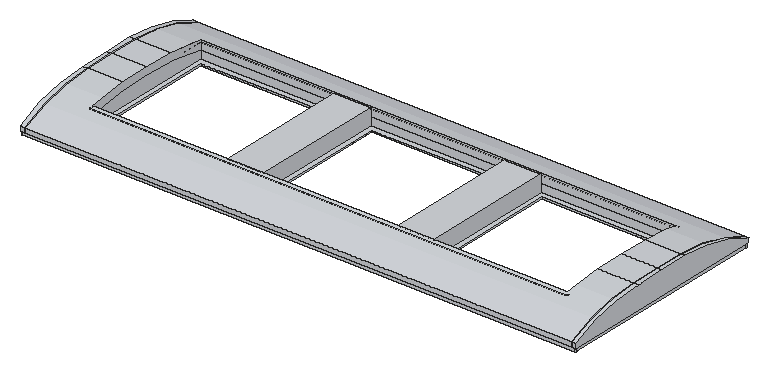
Revit family "Gira_0213327", category Electrical Fixtures, host Face, Revit 2017
Family settings
  Host = Face
  Maintain Annotation Orientation = No
  Round Connector Dimension = Use Diameter
  Part Type = Normal
  Cut with Voids When Loaded = No
  Shared = No
  Room Calculation Point = No
Parameters (values of type "Cov.fr. 3-g interm.fr. PW Gira Event p.white m")
  With hinged lid = "No"
  URL = "http://katalog.gira.de/en/datenblatt.html?artikelnr=0213327"
  Type of fastening = "Clamp mounting"
  Transparent = "No"
  Surface protection = "Other"
  Suitable for wall duct = "No"
  Suitable for flush-mounted installation = "Yes"
  Suitable for floor box = "No"
  Suitable for built-in installation = "No"
  RAL-number (akin) = "9010"
  Number of units vertical = "3"
  Number of units horizontal = "3"
  Number of units = "3"
  Name = "Cov.fr. 3-g interm.fr. PW Gira Event p.white m"
  Mounting direction = "Horizontal and vertical"
  Material quality = "Thermoplastic"
  Material = "Plastic"
  Manufacturer URL = "https://www.gira.de/"
  Manufacturer = "Gira"
  Label space/information surface = "No"
  Keynote = ""
  HeinzeBIM = "https://bimportal.heinze.de/bim/cov-fr-3-g-interm-fr-pw-gira-event-p-white-m/b515ffcd9ee7fe63d852d6c0a154aae126f1ff49"
  Halogen free = "Yes"
  HAN = "0213327"
  GTIN = "4010337074182"
  Description = "Cov.fr.3g i.fr.PW Event PWm,Gira Event frames,pure white matt with pure white glossy intermediate frame,3-gang,Features:,- Shatter-proof."
  Degree of protection (IP) = "IP20"
  Default Elevation = 1219.2 mm
  Data sheet (1) = "https://katalog.gira.de/en/download.html?artikelnr=0213327"
  Colour = "White"
  Category = "Cover frame for domestic switching devices"
  BIM (1) = "https://media.stage.bim.site/public/gira/36a6b08/Event_Rahmen_3fach.rfa"
  Available = "No"
Reference planes
  plane 1 "Center (Front/Back)": y = 0
  plane 2: z = 0
  plane 3 "Center (Left/Right)": x = 0
Forms (mm)
  Extrusion 1, solid, detail levels fine
    sketch origin (0, 0, 0.05) x (0, 1, 0) y (0, 0, 1)
      loop
        arc (12.445, 9.683) -> (6.223, 9.833) -> (0, 9.85) r 291.636
        arc (0, 9.85) -> (-6.223, 9.833) -> (-12.445, 9.683) r 291.636
        arc (-12.445, 9.683) -> (-29.14, 7.482) -> (-45, 1.823) r 79.728
        line (-45, 1.823) -> (-45, -0.05) -> (-42.086, -0.05)
        arc (-42.086, -0.05) -> (-21.385, 5.559) -> (0, 7.206) r 114.424
        arc (0, 7.206) -> (21.385, 5.559) -> (42.086, -0.05) r 114.424
        line (42.086, -0.05) -> (45, -0.05) -> (45, 1.823)
        arc (45, 1.823) -> (29.14, 7.482) -> (12.445, 9.683) r 79.728
    from -114.3 to 114.3
  Extrusion 2, void, detail levels fine
    sketch origin (0, 0, 0) x (1, 0, 0) y (0, 1, 0)
      loop
        line (-99.355, -28.053) -> (99.355, -28.053) -> (99.355, 28.053) -> (-99.355, 28.053) -> (-99.355, -28.053)
    from 0.724 to 11
  Extrusion 3, solid, detail levels coarse
    sketch origin (0, 0, 0) x (1, 0, 0) y (0, 1, 0)
      loop
        line (-116.3, 45) -> (-116.3, -45) -> (116.3, -45) -> (116.3, 45) -> (-116.3, 45)
    from -1.5 to 9.9
  Extrusion 4, solid, detail levels medium
    sketch origin (0, 0, 0.05) x (0, 1, 0) y (0, 0, 1)
      loop
        arc (12.445, 9.683) -> (6.223, 9.833) -> (0, 9.85) r 291.636
        arc (0, 9.85) -> (-6.223, 9.833) -> (-12.445, 9.683) r 291.636
        arc (-12.445, 9.683) -> (-29.14, 7.482) -> (-45, 1.823) r 79.728
        line (-45, 1.823) -> (-45, -0.05) -> (45, -0.05) -> (45, 1.823)
        arc (45, 1.823) -> (29.14, 7.482) -> (12.445, 9.683) r 79.728
    from -116.3 to 116.3
  Extrusion 5, solid, detail levels fine
    sketch origin (-71.3, 0, -1.5) x (0, 1, 0) y (0, 0, -1)
      loop
        line (45, -3.373) -> (45, -1.5) -> (-45, -1.5) -> (-45, -3.373)
        arc (-45, -3.373) -> (-29.14, -9.032) -> (-12.445, -11.233) r 79.728
        arc (-12.445, -11.233) -> (-6.223, -11.383) -> (0, -11.4) r 291.636
        arc (0, -11.4) -> (6.223, -11.383) -> (12.445, -11.233) r 291.636
        arc (12.445, -11.233) -> (29.14, -9.032) -> (45, -3.373) r 79.728
    from 43 to 45
  Extrusion 6, solid, detail levels fine
    sketch origin (0, 0, 0) x (1, 0, 0) y (0, 1, 0)
      loop
        line (-97.195, 25.7) -> (-97.195, -25.7) -> (-45.395, -25.7) -> (-45.395, 25.7) -> (-97.195, 25.7)
      loop
        line (25.9, -25.7) -> (25.9, 25.7) -> (-25.9, 25.7) -> (-25.9, -25.7) -> (25.9, -25.7)
      loop
        line (-100.19, 28.49) -> (-100.19, -28.495)
        spline (-100.19, -28.495) -> (-100.181, -28.625) -> (-100.156, -28.754) -> (-100.113, -28.878) -> (-100.056, -28.995) -> (-99.983, -29.104) -> (-99.897, -29.202) -> (-99.798, -29.288) -> (-99.69, -29.361) -> (-99.572, -29.419) -> (-99.448, -29.461) -> (-99.32, -29.486) -> (-99.19, -29.495)
        line (-99.19, -29.495) -> (99.195, -29.495)
        spline (99.195, -29.495) -> (99.325, -29.486) -> (99.454, -29.461) -> (99.578, -29.419) -> (99.695, -29.361) -> (99.804, -29.288) -> (99.902, -29.202) -> (99.988, -29.104) -> (100.061, -28.995) -> (100.119, -28.878) -> (100.161, -28.754) -> (100.186, -28.625) -> (100.195, -28.495)
        line (100.195, -28.495) -> (100.195, 28.49)
        spline (100.195, 28.49) -> (100.186, 28.62) -> (100.161, 28.748) -> (100.119, 28.872) -> (100.061, 28.99) -> (99.988, 29.098) -> (99.902, 29.197) -> (99.804, 29.283) -> (99.695, 29.356) -> (99.578, 29.413) -> (99.454, 29.456) -> (99.325, 29.481) -> (99.195, 29.49)
        line (99.195, 29.49) -> (-99.19, 29.49)
        spline (-99.19, 29.49) -> (-99.32, 29.481) -> (-99.448, 29.456) -> (-99.572, 29.413) -> (-99.69, 29.356) -> (-99.798, 29.283) -> (-99.897, 29.197) -> (-99.983, 29.098) -> (-100.056, 28.99) -> (-100.113, 28.872) -> (-100.156, 28.748) -> (-100.181, 28.62) -> (-100.19, 28.49)
      loop
        line (97.2, -25.7) -> (97.2, 25.7) -> (45.4, 25.7) -> (45.4, -25.7) -> (97.2, -25.7)
    from 0.1 to 7.3
  Extrusion 7, solid
    sketch origin (0, 0, 0) x (1, 0, 0) y (0, 1, 0)
      loop
        arc (-116, -44.2) -> (-115.854, -44.554) -> (-115.5, -44.7) r 0.5
        line (-115.5, -44.7) -> (115.5, -44.7)
        arc (115.5, -44.7) -> (115.854, -44.554) -> (116, -44.2) r 0.5
        line (116, -44.2) -> (116, 44.2)
        arc (116, 44.2) -> (115.854, 44.554) -> (115.5, 44.7) r 0.5
        line (115.5, 44.7) -> (-115.5, 44.7)
        arc (-115.5, 44.7) -> (-115.854, 44.554) -> (-116, 44.2) r 0.5
        line (-116, 44.2) -> (-116, -44.2)
      loop
        line (-114.3, 43) -> (-114.3, -43) -> (114.3, -43) -> (114.3, 43) -> (-114.3, 43)
    from -1.5 to 0.5
  Extrusion 8, solid, detail levels fine
    sketch origin (71.3, 0, -1.5) x (0, 1, 0) y (0, 0, 1)
      loop
        arc (45, 3.373) -> (29.14, 9.032) -> (12.445, 11.233) r 79.728
        arc (12.445, 11.233) -> (6.223, 11.383) -> (0, 11.4) r 291.636
        arc (0, 11.4) -> (-6.223, 11.383) -> (-12.445, 11.233) r 291.636
        arc (-12.445, 11.233) -> (-29.14, 9.032) -> (-45, 3.373) r 79.728
        line (-45, 3.373) -> (-45, 1.5) -> (45, 1.5) -> (45, 3.373)
    from 43 to 45
  Extrusion 9, solid, detail levels medium
    sketch origin (0, 0, 0) x (1, 0, 0) y (0, 1, 0)
      loop
        line (-116, -44.7) -> (116, -44.7) -> (116, 44.7) -> (-116, 44.7) -> (-116, -44.7)
    from -1.5 to 0.5
  Extrusion 10, solid, detail levels fine
    sketch origin (-34.207, 0, 0) x (1, 0, 0) y (0, 1, 0)
      loop
        line (-8.943, 28.063) -> (-8.943, -27.937) -> (6.057, -27.937) -> (6.057, 28.063) -> (-8.943, 28.063)
    from 0.724 to 7.566
  Extrusion 11, solid, detail levels fine
    sketch origin (34.207, 0, 0) x (-1, 0, 0) y (0, -1, 0)
      loop
        line (-8.943, -28.063) -> (6.057, -28.063) -> (6.057, 27.937) -> (-8.943, 27.937) -> (-8.943, -28.063)
    from 0.724 to 7.566
Cuts and joins
  Extrusion 2 cuts Extrusion 1
  Extrusion 2 cuts Extrusion 6
Dimensions and locks
  aligned and locked: plane 2 to host face
  aligned and locked: level to host face
